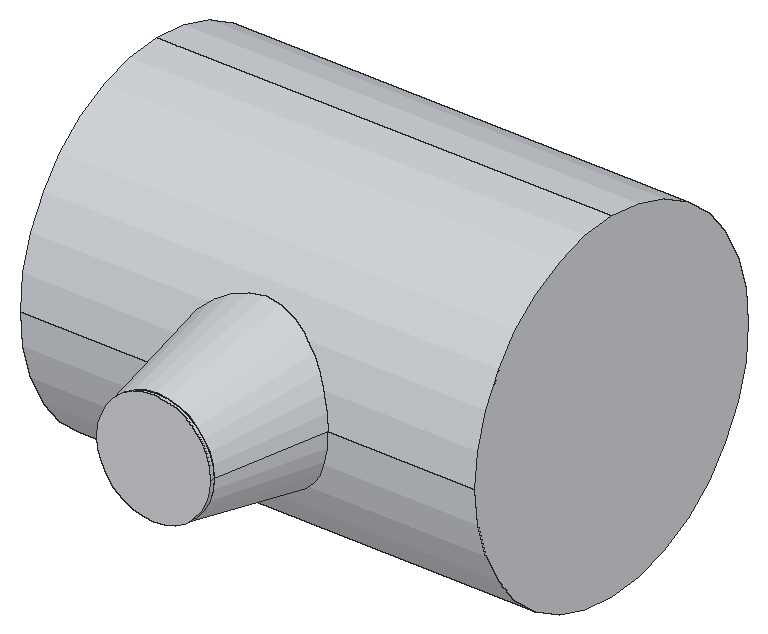
Revit family "M_T redondo - Cônico", category Conexões de duto, Revit 2019
Family settings
  Cota do conector redondo = Usar raio
  Tipo de parte = Tê
  Número OmniClass = 23.75.70.14
  Título OmniClass = Air Ductwork
  ID de item do Seek = Round Tee - Conical-0000-CAN-ENU
  Com base no plano de trabalho = Não
  Sempre na vertical = Sim
  Corte com vazios quando carregada = Não
  Compartilhado = Não
Parameters (values of type "Padrão")
  Final do cone3 [instance] = 50 mm
  Toco [instance] = 3 mm
  Corpo R3 [instance] = if(Raio do duto 3 + Final do cone3 > Raio do duto 1, Raio do duto 3, Raio do duto 3 + Final do cone3)  # 100 mm
  Raio do duto 3 [instance] = 50 mm
  Raio do duto 1 [instance] = 150 mm
  Diâmetro do duto 3 [instance] = 2 * Raio do duto 3  # 100 mm
  Comprimento do duto [instance] = Raio do duto 1 + Anteparo  # 200 mm
  Diâmetro do duto 1 [instance] = 2 * Raio do duto 1  # 300 mm
  Anteparo [instance] = 50 mm
  Comprimento do cone [instance] = Raio do duto 1 + Extensão do cone  # 250 mm
  Extensão do cone [instance] = 100 mm
  Assembly Code = ""
Reference planes
  plane 1 "Centro (Frente/Trás)": y = 0
  plane 2: z = 0
  plane 3 "Centro (Esquerda/Direita)": x = 0
  plane 4: x = -200
  plane 5: x = 200
  plane 6: y = -250
  plane 7: y = -253
Forms (mm)
  Sweep 1, solid, detail levels medium+fine
    path in 3D
      loop
        line (-200, 0, 0) -> (200, 0, 0)
    profile "M_Duto - Redondo : Duto - Redondo 1" origin (0, 0, 0) x (0, 1, 0) y (0, 0, 1)
      loop
        arc (-150, 0) -> (-106.066, -106.066) -> (0, -150) r 150
        arc (0, -150) -> (106.066, -106.066) -> (150, 0) r 150
        arc (150, 0) -> (106.066, 106.066) -> (0, 150) r 150
        arc (0, 150) -> (-106.066, 106.066) -> (-150, 0) r 150
  Blend 2, solid, detail levels medium+fine
    base sketch origin (0, 0, 0) x (1, 0, 0) y (0, 0, 1)
      loop
        circle (0, 0) r 100
    top sketch origin (0, 0, 0) x (1, 0, 0) y (0, 0, 1)
      loop
        circle (0, 0) r 50
    from 0 to 250 <- "Comprimento do cone"
  Sweep 3, solid, detail levels medium+fine
    path in 3D
      loop
        line (0, -250, 0) -> (0, -253, 0)
    profile "M_Duto - Redondo : Duto - Redondo 3" origin (0, -251.5, 0) x (1, 0, 0) y (0, 0, 1)
      loop
        arc (-50, 0) -> (-35.355, -35.355) -> (0, -50) r 50
        arc (0, -50) -> (35.355, -35.355) -> (50, 0) r 50
        arc (50, 0) -> (35.355, 35.355) -> (0, 50) r 50
        arc (0, 50) -> (-35.355, 35.355) -> (-50, 0) r 50
Cuts and joins
  joined: Sweep 1, Blend 2
Lines and regions (mm)
  reference lines
    curve 1: line (-200, 0, 0) -> (200, 0, 0)
    curve 2: line (0, -250, 0) -> (0, 0, 0)
    curve 6: line (0, -250, 0) -> (0, -253, 0)
  sketch lines
    curve 3: line (-200, 0, 0) -> (200, 0, 0)
    curve 8: line (0, -250, 0) -> (0, -253, 0)
  model lines, style "DuctFitting", detail levels coarse
    curve 4: line (-200, 0, 0) -> (200, 0, 0)
    curve 5: line (0, -250, 0) -> (0, 0, 0)
    curve 7: line (0, -250, 0) -> (0, -253, 0)
Dimensions and locks
  "Comprimento do cone": plane 6 to plane 1 "Centro (Frente/Trás)"
  "Comprimento do duto": plane 4 to plane 3 "Centro (Esquerda/Direita)"
  "Comprimento do duto": plane 3 "Centro (Esquerda/Direita)" to plane 5
  "Toco": plane 6 to plane 7
  "Corpo R3": radius of Blend 2 sketch curve
  "Raio do duto 3": radius of Blend 2 sketch curve
  aligned and locked: plane 4 to curve 1
  aligned and locked: plane 5 to curve 1
  aligned and locked: plane 1 "Centro (Frente/Trás)" to curve 1
  aligned and locked: plane 1 "Centro (Frente/Trás)" to curve 2
  aligned and locked: curve 2 to plane 3 "Centro (Esquerda/Direita)"
  aligned and locked: curve 4 to curve 1
  aligned and locked: curve 5 to curve 2
  aligned and locked: plane 3 "Centro (Esquerda/Direita)" to Blend 2 sketch curve  (x2)
  aligned and locked: plane 2 to Blend 2 sketch curve  (x2)
  aligned and locked: plane 6 to curve 6
  aligned and locked: plane 7 to curve 6
  aligned and locked: plane 6 to curve 7
  aligned and locked: plane 7 to curve 7
  aligned and locked: Blend 2 to plane 1 "Centro (Frente/Trás)"
  aligned and locked: Blend 2 to plane 6
  aligned and locked: plane 5 to curve 4
  aligned and locked: plane 4 to curve 4
Connectors
  hvac at (-200, 0, 0), driven by "Raio do duto 1"
    settings: on cut or joined group of Sweep 1, Blend 2, index 1, duct flow 0.0 L/s, flow factor 0, pres drop 0.0 Pa, loss coef 0, conn angle 0.00°, conn width 304.8 mm, conn height 304.8 mm, conn diameter 300 mm, duct sys type 28, conn prof type 0, flow config 0, flow direction 0, loss method 0, conn ref index 2, conn util no, is conn primary yes, conn desc ""
  hvac at (200, 0, 0), driven by "Raio do duto 1"
    settings: on cut or joined group of Sweep 1, Blend 2, index 2, duct flow 0.0 L/s, flow factor 0, pres drop 0.0 Pa, loss coef 0, conn angle 0.00°, conn width 304.8 mm, conn height 304.8 mm, conn diameter 300 mm, duct sys type 28, conn prof type 0, flow config 0, flow direction 0, loss method 0, conn ref index 1, conn util no, is conn primary no, conn desc ""
  hvac at (0, -253, 0), driven by "Raio do duto 3"
    settings: on Sweep 3, index 3, duct flow 0.0 L/s, flow factor 0, pres drop 0.0 Pa, loss coef 0, conn angle 0.00°, conn width 304.8 mm, conn height 304.8 mm, conn diameter 100 mm, duct sys type 28, conn prof type 0, flow config 0, flow direction 0, loss method 0, conn ref index -1, conn util no, is conn primary no, conn desc ""
